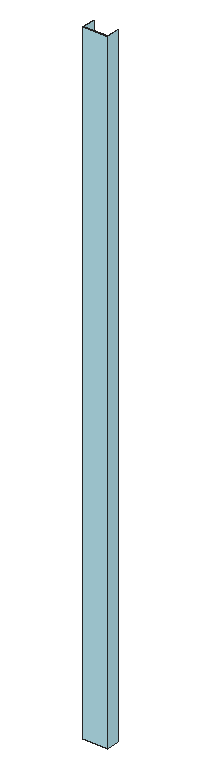
Revit family "C40×20×1.2（折曲加工) ", category 機械設備, Revit 2020
Family settings
  丸型コネクタ寸法 = 直径を使用
  種別 = なし
  パーツ タイプ = 標準
  作業面ベース = いいえ
  常に垂直 = はい
  ロード時にボイドで切り取り = いいえ
  共有 = いいえ
  部屋計算ポイント = いいえ
Parameters
  製造元 = "株式会社桐井製作所"
  既定の高さ = 0 mm
  URL = "https://www.kirii.co.jp/"
  K_長さ(mm) [instance] = 1000 mm
  K_外形寸法(mm) = "40×20×1.2"
  K_品名 = "チャンネルC-40×20×1.2(折曲加工)"
  K_名称 = "斜め部材(ブレース材)"
  K_バージョン情報 = "20211216"
Reference planes
  plane 1 "中心(正面/背面)": y = 0
  plane 2: z = 0
  plane 3 "中心(左/右)": x = 0
  plane 4: x = 20
  plane 5: x = -20
  plane 6: z = 1000
Forms (mm)
  Extrusion 1, solid
    sketch origin (0, 1, 0) x (1, 0, 0) y (0, 1, 0)
      loop
        line (-20, 19) -> (-20, -1) -> (20, -1) -> (20, 19) -> (18.8, 19) -> (18.8, 0.2) -> (-18.8, 0.2) -> (-18.8, 19) -> (-20, 19)
    from 0 to 1000
Dimensions and locks
  "K_長さ(mm)": plane 6 to plane 2
  aligned and locked: level to plane 2
  aligned and locked: plane 6 to Extrusion 1
Automatic sketch dimensions
  plane 1 "中心(正面/背面)" to Extrusion 1 sketch curve = 0 mm
  Extrusion 1 sketch curve to plane 5 = 0 mm
  Extrusion 1 sketch curve to plane 4 = 0 mm
  plane 5 to Extrusion 1 sketch curve = 1.2 mm
  Extrusion 1 sketch curve to plane 4 = 1.2 mm
  Extrusion 1 sketch curve to plane 1 "中心(正面/背面)" = 1.2 mm
  Extrusion 1 sketch curve to Extrusion 1 sketch curve = 18.8 mm  (x2)
